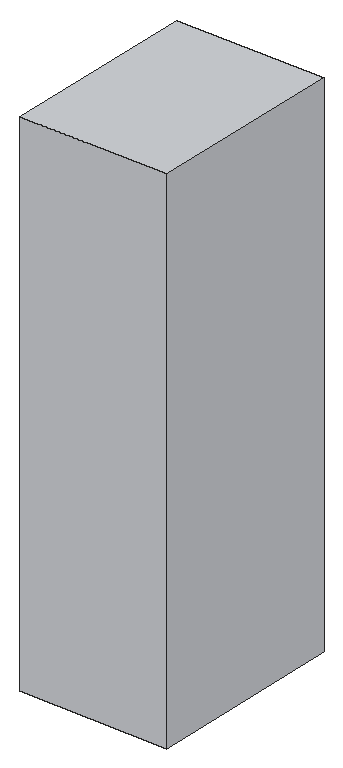
Revit family "PDU_獨立機櫃_600x800x2100", category 電氣設備, Revit 2025
Family settings
  面板規劃 = 兩欄，回路穿越
  圓形接點標註 = 使用直徑
  組件類型 = 分電盤
  OmniClass 編號 = 23.80.30.11.17
  OmniClass 標題 = Distribution Boards and Control Panels
  以工作平面為基礎 = 否
  總是垂直 = 是
  載入時使用空心切割 = 否
  維持標註方位 = 否
  共用 = 否
  房間計算點 = 否
Parameters (values of type "PDU")
  built-in parameter 1155100 [instance] = -1
  Default Elevation = 0 mm
  built-in parameter 1140142 [instance] = -1
  SCADA_高mm [instance] = "2100"
  SCADA_附錄F項次 [instance] = ""
  SCADA_附錄D項次 [instance] = ""
  SCADA_編號 [instance] = ""
  SCADA_站點 [instance] = ""
  SCADA_深mm [instance] = "800"
  SCADA_機櫃類型 [instance] = "PDU"
  SCADA_期別 [instance] = ""
  SCADA_房間 [instance] = ""
  SCADA_建物 [instance] = ""
  SCADA_尺寸 [instance] = "600W×800D×2100H"
  SCADA_寬mm [instance] = "600"
  SCADA_定位來源 [instance] = "手動放置"
  SCADA_備註 [instance] = ""
  SCADA_來源文件 [instance] = ""
  SCADA_UPS電源110V [instance] = ""
  built-in parameter 1140140 [instance] = 1 (stored number, unit not read)
Reference planes
  plane 1 "中心 (前/後)": y = 0
  plane 2: z = 0
  plane 3 "中心 (左/右)": x = 0
Forms (mm)
  Extrusion 1, solid
    sketch origin (0, 0, 0) x (1, 0, 0) y (0, 1, 0)
      loop
        line (-300, -400) -> (300, -400) -> (300, 400) -> (-300, 400) -> (-300, -400)
    from 0 to 2100
Lines and regions (mm)
  model lines, style "開門線"
    curve 1: line (300, -400, 0) -> (300, -1000, 0)
    curve 2: arc (-300, -400, 0) -> (-124.264, -824.264, 0) -> (300, -1000, 0) r 600
    curve 3: line (-300, 400, 0) -> (-300, 1000, 0)
    curve 4: arc (300, 400, 0) -> (124.264, 824.264, 0) -> (-300, 1000, 0) r 600
Dimensions and locks
  aligned and locked: level to plane 2
